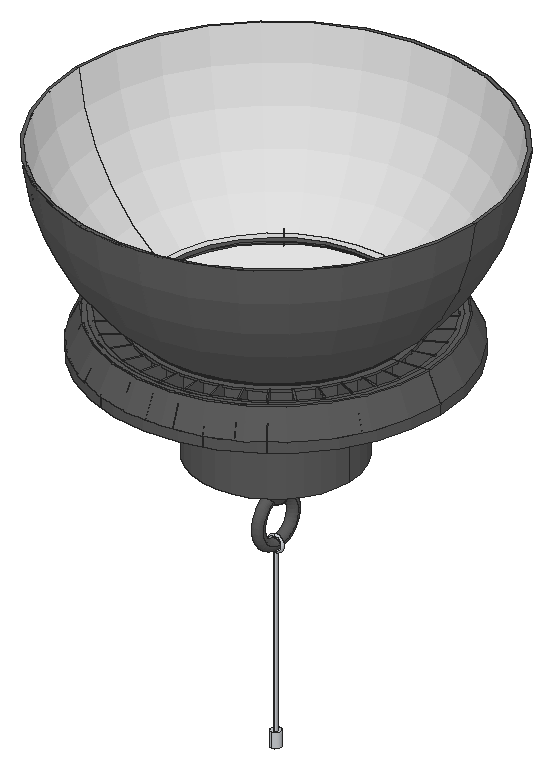
Revit family "0039349+0039360 Feilo Sylvania Lighting Fixture START HIGHBAY 4K 26KLM WIDE with ALU SHADE BLACK COLOR FOR 26KLM", category Lighting Fixtures, host Face, Revit 2017
Family settings
  Host = Face
  Round Connector Dimension = Use Diameter
  Part Type = Normal
  OmniClass Number = 23.80.70.00
  OmniClass Title = Lighting
  Cut with Voids When Loaded = No
  Light Source = Yes
  Shared = No
  Room Calculation Point = No
Parameters (values of type "0039349+0039360 START HIGHBAY 4K 26KLM WIDE ALU SHADE BLACK COLOR FOR 26KLM")
  WidthStraight_FEILO = if(SizeS_FEILO, 3 mm, if(SizeM_FEILO, 4 mm, 4.7 mm))  # 4.7 mm
  WidthRingChamfer_FEILO = if(SizeS_FEILO, 10.3 mm, if(SizeM_FEILO, 11.2 mm, 12.9 mm))  # 12.9 mm
  WidthCurved_FEILO = if(SizeS_FEILO, 17.4 mm, if(SizeM_FEILO, 16.4 mm, 26.2 mm))  # 26.2 mm
  WidthCurvedRing_FEILO = if(SizeS_FEILO, 3 mm, if(SizeM_FEILO, 4 mm, 4.7 mm))  # 4.7 mm
  WidthBracket_FEILO = 40 mm
  Weight = "3.7 kg"
  Wattage Comments = ""
  Wattage = 200 W
  WarrantyStartDate [instance] = "n/a"
  WarrantyGuarantorParts = "n/a"
  WarrantyDurationUnit = "n/a"
  WarrantyDurationParts = "n/a"
  WarrantyDescription = "n/a"
  built-in parameter 1150110 = 1 (stored number, unit not read)
  Voltage = 230 V
  VisibilityBracket_FEILO = no
  URL = "http://www.sylvania-lighting.com"
  TypeName = "START HIGHBAY 4K 26KLM WIDE ALU SHADE BLACK COLOR FOR 26KLM"
  Type Image = <None>
  Type Comments = "n/a"
  built-in parameter 1114217 = 1 (stored number, unit not read)
  Tilt Angle = -90.00°
  ThicknessWall_FEILO = 1.5 mm
  ThicknessBracket_FEILO = 1.5 mm
  ThicknessBracketHalf_FEILO = ThicknessBracket_FEILO / 2  # 0.75 mm
  built-in parameter 1150109 = 1 (stored number, unit not read)
  built-in parameter 1150134 = 12
  SuspensionHeight_FEILO [instance] = 400 mm
  built-in parameter 1150113 = 1 (stored number, unit not read)
  SizeS_FEILO = no
  SizeM_FEILO = no
  ShadeThickness_FEILO = 3 mm
  ShadeSizeSM_FEILO = or(SizeS_FEILO, SizeM_FEILO)  # no
  ShadeRadiusOut_FEILO = 205 mm
  ShadeRadiusIn_FEILO = if(ShadeSizeSM_FEILO, 95 mm, 121 mm)  # 121 mm
  ShadeRadiusBend_FEILO = if(ShadeSizeSM_FEILO, 210 mm, 210 mm)  # 210 mm
  ShadeHeight_FEILO = if(ShadeSizeSM_FEILO, 120 mm, 151 mm)  # 151 mm
  SerialNumber [instance] = "n/a"
  Rib4_FEILO = if(SizeS_FEILO, 18.1 mm, if(SizeM_FEILO, 13.6 mm, 14.6 mm))  # 14.6 mm
  Rib3_FEILO = if(SizeS_FEILO, 15.3 mm, if(SizeM_FEILO, 17.6 mm, 20.2 mm))  # 20.2 mm
  Rib2_FEILO = if(SizeS_FEILO, 3.6 mm, if(SizeM_FEILO, 3.9 mm, 4.5 mm))  # 4.5 mm
  Rib1_FEILO = if(SizeS_FEILO, 15.1 mm, if(SizeM_FEILO, 16.5 mm, 19 mm))  # 19 mm
  RadiusDiffuser_FEILO = if(SizeS_FEILO, 95.2 mm, if(SizeM_FEILO, 105.3 mm, 120 mm))  # 120 mm
  RadiusArrayPost_FEILO = DriverRadius_FEILO - 6 mm  # 70.4 mm
  RHRadius3_FEILO = if(SizeS_FEILO, 6.6 mm, if(SizeM_FEILO, 7.4 mm, 8.6 mm))  # 8.6 mm
  RHRadius2_FEILO = if(SizeS_FEILO, 11 mm, if(SizeM_FEILO, 12 mm, 14 mm))  # 14 mm
  RHRadius1_FEILO = if(SizeS_FEILO, 13.6 mm, if(SizeM_FEILO, 14.9 mm, 17.7 mm))  # 17.7 mm
  RHHeight4_FEILO = if(SizeS_FEILO, 7.3 mm, if(SizeM_FEILO, 8 mm, 9.2 mm))  # 9.2 mm
  RHHeight3_FEILO = if(SizeS_FEILO, 3.6 mm, if(SizeM_FEILO, 3.7 mm, 4.6 mm))  # 4.6 mm
  RHHeight2_FEILO = if(SizeS_FEILO, 2 mm, if(SizeM_FEILO, 2.2 mm, 2.6 mm))  # 2.6 mm
  RHHeight1_FEILO = if(SizeS_FEILO, 11.8 mm, if(SizeM_FEILO, 15.3 mm, 17.4 mm))  # 17.4 mm
  Photometric Web File = "0039349+0039360.ies"
  Material_5_FEILO = Shade-Sylvania-StartHighbay-Alu
  Material_3_FEILO = LED-Sylvania-StartHighbay-Glow
  PowerFactor = 0.95
  PowerConsumption = "200 W"
  NominalLength = 339 mm
  NominalHeight = 194 mm
  NominalDepth = 339 mm
  Name = "START HIGHBAY 4K 26KLM WIDE ALU SHADE BLACK COLOR FOR 26KLM"
  ModelReference = Name  # "START HIGHBAY 4K 26KLM WIDE ALU SHADE BLACK COLOR FOR 26KLM"
  ModelNumber = "0039349+0039360"
  Model = Name  # "START HIGHBAY 4K 26KLM WIDE ALU SHADE BLACK COLOR FOR 26KLM"
  Material = "aluminium alloy housing, polycarbonate diffuser"
  ManufacturerName = "Feilo Sylvania"
  Manufacturer = "Feilo Sylvania"
  LuminousEfficacy = "130 lm/W"
  built-in parameter 1150105 = 14870 (stored number, unit not read)
  Lumens = 26000 lm
  LuminaireType = ""
  built-in parameter 1150115 = 1 (stored number, unit not read)
  LightOutputRatio = "n/a"
  built-in parameter 1150137 = (empty or 0)
  built-in parameter 1150139 = (empty or 0)
  LampsType = Lamp  # "LED"
  LampNominalLuminous = "26000 lm"
  LampMacAdamStep = "n/a"
  LampColourTemperature = "4000 K"
  LampColourRenderingIndex = "80"
  built-in parameter 1150112 = 1 (stored number, unit not read)
  built-in parameter 1150114 = 1 (stored number, unit not read)
  Lamp = "LED"
  Keynote = "16500"
  InstallationDate [instance] = "n/a"
  InputVoltage = "220-240V~"
  InputNominalFrequency = "50/60 Hz"
  built-in parameter 1150132 = (empty or 0)
  built-in parameter 1150102 = (empty or 0)
  built-in parameter 1150107 = 4000 (stored number, unit not read)
  built-in parameter 1150138 = (empty or 0)
  IngressProtection = "IP65"
  ImpactProtectionIndex = "IK08"
  built-in parameter 1150106 = 148.7 (stored number, unit not read)
  IfcExportType = "IfcLightFixtureType"
  IfcExportAs = "IfcLightFixtureType"
  HeightRing_FEILO = if(SizeS_FEILO, 19.8 mm, if(SizeM_FEILO, 32 mm, 36.8 mm))  # 36.8 mm
  HeightRingChamfer_FEILO = if(SizeS_FEILO, 11.7 mm, if(SizeM_FEILO, 23.2 mm, 26.6 mm))  # 26.6 mm
  EyeThickness_FEILO = if(SizeS_FEILO, 8.4 mm, if(SizeM_FEILO, 9.2 mm, 10.5 mm))  # 10.5 mm
  EyeThicknessHalf_FEILO = EyeThickness_FEILO / 2  # 5.25 mm
  EyeInner_FEILO = if(SizeS_FEILO, 13.8 mm, if(SizeM_FEILO, 15.1 mm, 17.3 mm))  # 17.3 mm
  ExpectedLife = 50000
  Emit from Circle Diameter = RadiusDiffuser_FEILO * 2  # 240 mm
  Emit Shape Visible in Rendering = no
  ElectricShockClassification = "Class I"
  built-in parameter 1150104 = 12.077 (stored number, unit not read)
  DurationUnit = "hours"
  DriverVerticalStraight_FEILO = if(SizeS_FEILO, 46.5 mm, if(SizeM_FEILO, 49.7 mm, 57 mm))  # 57 mm
  DriverVerticalChamfer_FEILO = if(SizeS_FEILO, 7.5 mm, if(SizeM_FEILO, 8.2 mm, 9.5 mm))  # 9.5 mm
  DriverRadius_FEILO = if(SizeS_FEILO, 61.4 mm, if(SizeM_FEILO, 67.2 mm, 76.4 mm))  # 76.4 mm
  DriverRadiusTop_FEILO = if(SizeS_FEILO, 42 mm, if(SizeM_FEILO, 45.3 mm, 52.4 mm))  # 52.4 mm
  DriverBottom_FEILO = if(SizeS_FEILO, 56 mm, if(SizeM_FEILO, 64.5 mm, 74 mm))  # 74 mm
  DocumentationLiterature = "http://www.sylvania-lighting.com/product/en-int/products/0039349"
  DimmingControlOptions = "n/a"
  Material_2_FEILO = Diffuser-Sylvania-StartHighbay-Transparent
  Radius_FEILO = if(SizeS_FEILO, 135 mm, if(SizeM_FEILO, 148 mm, 169.5 mm))  # 169.5 mm
  Dimming Lamp Color Temperature Shift = <None>
  DiameterWire_FEILO = 3 mm
  DiameterWireSupport_FEILO = 10 mm
  Description = "START HIGHBAY, includes 1 m cables, black aluminium housing, 26000LM, 200W, 130lm/W, 4000K, Driver current: 5000mA, CR80, 90° beam angle, 1-10V dimmable,  IP65, IK08, 50,000 hrs (L70B50), (LxWxH) 339x339x194mm"
  Default Elevation = 1219.2 mm
  CreatedOn = "2/28/2018"
  CreatedBy = ""
  Cost = 0
  Color Filter = 16777215
  built-in parameter 1114216 [instance] = (empty or 0)
  ClassificationValue = "EF_70_80"
  ClassificationName = "Uniclass2015"
  Material_1_FEILO = Body-Sylvania-StartHighbay-Black
  BarCode [instance] = "n/a"
  built-in parameter 1114218 = 1 (stored number, unit not read)
  built-in parameter 1150133 = 10 (stored number, unit not read)
  AssetType = "Fixed"
  AssetIdentifier [instance] = "n/a"
  Assembly Code = "D5020200"
  Apparent Load = 200 VA
  Material_4_FEILO = Shade-Sylvania-StartHighbay-Black
Reference planes
  plane 1 "Center (Front/Back)": y = 0
  plane 2: z = 0
  plane 3 "Center (Left/Right)": x = 0
  plane 4: z = 400
  plane 5: x = -169.5
  plane 6: x = -156.6
  plane 7: z = 373.4
  plane 8: z = 363.2
  plane 9: x = -151.9
  plane 10: z = 397.375
  plane 11: x = -125.7
  plane 12: x = -120
  plane 13: x = -147.2
  plane 14: z = 398.375
  plane 15: z = 396.375
  plane 16: x = -117
  plane 17: z = 395.375
  plane 18: x = -168
  plane 19: x = -150.5
  plane 20: z = 358.7
  plane 21: x = -130.3
  plane 22: z = 344.1
  plane 23: x = -20
  plane 24: z = 326
  plane 25: x = -76.4
  plane 26: z = 269
  plane 27: x = -52.4
  plane 28: z = 259.5
  plane 29: x = -17.7
  plane 30: z = 242.1
  plane 31: z = 239.5
  plane 32: x = -14
  plane 33: z = 234.9
  plane 34: z = 225.7
  plane 35: x = -8.6
  plane 36: z = 208.4
  plane 37: z = 191.1
  plane 38: x = 5.25
  plane 39: x = -5.25
  plane 40: z = 180.6
  plane 41: z = 185.85
  plane 42: x = -162.3
  plane 43: x = -167
  plane 44: z = 361.7
  plane 45: x = -155.1
  plane 46: z = 297.5
  plane 47: y = -20
  plane 48: y = 20
  plane 49: x = 169.5
  plane 50: x = 156.6
  plane 51: x = 168
  plane 52: x = 162.3
  plane 53: x = 167
  plane 54: x = 155.1
  plane 55: z = 194.1
  plane 56: y = 1.5
  plane 57: y = -1.5
  plane 58: z = 192.6
  plane 59: z = 179.1
  plane 60: z = 177.6
  plane 61: y = -5
  plane 62: y = 5
  plane 63: z = 14
  plane 64: x = -205
  plane 65: z = 551
  plane 66: x = -121
  plane 67: x = -113
  plane 68: x = -202
  plane 69: z = 403
Forms (mm)
  Revolve 1, solid, material "Body-Sylvania-StartHighbay-Black" <- "Material_1_FEILO", detail levels medium+fine
    sketch origin (0, 0, 0) x (1, 0, 0) y (0, 0, 1)
      loop
        line (-169.5, 363.2) -> (-168, 363.2) -> (-168, 373.055) -> (-156.206, 397.375) -> (-147.2, 397.375) -> (-147.2, 399.137)
        arc (-147.2, 399.137) -> (-149.554, 399.547) -> (-151.9, 400) r 132.063
        line (-151.9, 400) -> (-156.141, 400)
        arc (-156.141, 400) -> (-156.63, 399.826) -> (-156.899, 399.383) r 0.774
        line (-156.899, 399.383) -> (-169.5, 373.4) -> (-169.5, 363.2)
      axis (0, 400) -> (0, 363.2)
    angle from 360 to 0
  Revolve 2, solid, material "Body-Sylvania-StartHighbay-Black" <- "Material_1_FEILO", detail levels medium+fine
    sketch origin (0, 0, 0) x (1, 0, 0) y (0, 0, 1)
      loop
        line (-125.7, 395.375) -> (-120, 395.375) -> (-120, 373.4) -> (0, 373.4) -> (0, 395.375) -> (-117, 395.375) -> (-117, 396.375) -> (-120, 396.375) -> (-120, 397.375) -> (-125.7, 397.375) -> (-125.7, 395.375)
      axis (0, 397.375) -> (0, 373.4)
    angle from 360 to 0
  Revolve 3, solid, material "Diffuser-Sylvania-StartHighbay-Transparent" <- "Material_2_FEILO", detail levels medium+fine
    sketch origin (0, 0, 0) x (1, 0, 0) y (0, 0, 1)
      loop
        line (-120, 396.375) -> (0, 396.375) -> (0, 398.375) -> (-120, 398.375) -> (-120, 396.375)
      axis (0, 398.375) -> (0, 396.375)
    angle from 360 to 0
  Revolve 4, solid, material "Body-Sylvania-StartHighbay-Black" <- "Material_1_FEILO"
    sketch origin (0, 0, 0) x (1, 0, 0) y (0, 0, 1)
      loop
        line (-76.4, 344.1) -> (-76.4, 269) -> (-52.4, 259.5) -> (-17.7, 259.5) -> (-17.7, 242.1) -> (-14, 239.5) -> (-14, 234.9) -> (-9.037, 226.426)
        arc (-9.037, 226.426) -> (-8.49, 225.894) -> (-7.753, 225.7) r 1.5
        line (-7.753, 225.7) -> (0, 225.7) -> (0, 344.1) -> (-76.4, 344.1)
      axis (0, 344.1) -> (0, 225.7)
    angle from 360 to 0
  Revolve 5, solid, material "Body-Sylvania-StartHighbay-Black" <- "Material_1_FEILO"
    sketch origin (0, 0, 0) x (1, 0, 0) y (0, 0, 1)
      loop
        circle (0, 185.85) r 5.25
      axis (5.25, 208.4) -> (-5.25, 208.4)
    angle from 360 to 0
  Extrusion 6, solid, material "Body-Sylvania-StartHighbay-Black" <- "Material_1_FEILO", visible <- "VisibilityBracket_FEILO"
    sketch origin (0, 0, 0) x (1, 0, 0) y (0, 0, 1)
      loop
        line (-167, 363.2) -> (-167, 361.7) -> (-157.35, 361.7)
        arc (-157.35, 361.7) -> (-156.82, 361.48) -> (-156.6, 360.95) r 0.75
        line (-156.6, 360.95) -> (-156.6, 297.5) -> (-155.1, 297.5) -> (-155.1, 361.7)
        arc (-155.1, 361.7) -> (-155.539, 362.761) -> (-156.6, 363.2) r 1.5
        line (-156.6, 363.2) -> (-167, 363.2)
      loop
        line (167, 363.2) -> (156.6, 363.2)
        arc (156.6, 363.2) -> (155.539, 362.761) -> (155.1, 361.7) r 1.5
        line (155.1, 361.7) -> (155.1, 297.5) -> (156.6, 297.5) -> (156.6, 360.95)
        arc (156.6, 360.95) -> (156.82, 361.48) -> (157.35, 361.7) r 0.75
        line (157.35, 361.7) -> (167, 361.7) -> (167, 363.2)
    from -20 to 20
  Extrusion 7, void
    sketch origin (0, 0, 0) x (0, 1, 0) y (0, 0, 1)
      loop
        arc (-10, 297.5) -> (-17.071, 300.429) -> (-20, 307.5) r 10
        line (-20, 307.5) -> (-25, 307.5) -> (-25, 292.5) -> (-10, 292.5) -> (-10, 297.5)
      loop
        line (10, 297.5) -> (10, 292.5) -> (25, 292.5) -> (25, 307.5) -> (20, 307.5)
        arc (20, 307.5) -> (17.071, 300.429) -> (10, 297.5) r 10
    from -156.6 to 156.6
  Revolve 8, solid, material "Body-Sylvania-StartHighbay-Black" <- "Material_1_FEILO", detail levels coarse
    sketch origin (0, 0, 0) x (1, 0, 0) y (0, 0, 1)
      loop
        line (0, 400) -> (-156.6, 400) -> (-169.5, 373.4) -> (-169.5, 363.2) -> (-150.5, 363.2) -> (-150.5, 358.7) -> (-130.3, 344.1) -> (0, 344.1) -> (0, 400)
      axis (0, 400) -> (0, 344.1)
    angle from 360 to 0
  Revolve 9, solid
    sketch origin (0, 0, 0) x (0, 1, 0) y (0, 0, 1)
      loop
        circle (0, 192.6) r 1.5
      axis (1.5, 185.85) -> (-1.5, 185.85)
    angle from 360 to 0
  Revolve 10, solid
    sketch origin (0, 0, 0) x (0, 1, 0) y (0, 0, 1)
      loop
        line (0, 0) -> (0, 179.1) -> (-1.5, 179.1) -> (-1.5, 14) -> (-5, 14) -> (-5, 0) -> (0, 0)
      axis (0, 0) -> (0, 179.1)
    angle from 360 to 0
  Revolve 11, solid, material "Shade-Sylvania-StartHighbay-Black" <- "Material_4_FEILO"
    sketch origin (0, 0, 0) x (1, 0, 0) y (0, 0, 1)
      loop
        line (-121, 400) -> (-113, 400) -> (-113, 403) -> (-120.341, 403)
        arc (-120.341, 403) -> (-177.055, 468.269) -> (-202.193, 551) r 207.203
        line (-202.193, 551) -> (-205, 551)
        arc (-205, 551) -> (-179.25, 466.46) -> (-121, 400) r 210
      axis (0, 551) -> (0, 400)
    angle from 360 to 0
Cuts and joins
  Extrusion 7 cuts Extrusion 6
Lines and regions (mm)
  reference lines
    curve 1: line (-169.5, 0, 373.4) -> (-156.6, 0, 400)
    curve 2: line (-125.7, 0, 397.375) -> (0, 0, 397.375)
    curve 3: arc (-125.7, 0, 397.375) -> (-138.866, 0, 398.033) -> (-151.9, 0, 400) r 132.063
    curve 4: line (-156.6, 0, 400) -> (-151.9, 0, 400)
    curve 5: line (-156.206, 0, 397.375) -> (-168, 0, 373.055)
    curve 6: line (-150.5, 0, 358.7) -> (-130.3, 0, 344.1)
    curve 7: line (-14, 0, 234.9) -> (-8.6, 0, 225.7)
    curve 8: circle (0, 0, 185.85) r 5.25 normal (0, -1, 0)
    curve 9: arc (-121, 0, 400) -> (-179.25, 0, 466.46) -> (-205, 0, 551) r 210
Dimensions and locks
  "Radius_FEILO": plane 3 "Center (Left/Right)" to plane 5
  "WidthRingChamfer_FEILO": plane 6 to plane 5
  "WidthStraight_FEILO": plane 9 to plane 6
  "WidthCurvedRing_FEILO": plane 13 to plane 9
  locked: plane 10 to plane 15 at 1
  locked: plane 14 to plane 10 at 1
  locked: plane 4 to plane 10 at 2.625
  locked: plane 15 to plane 17 at 1
  "ThicknessWall_FEILO": plane 18 to plane 5
  "ThicknessWall_FEILO": curve 5 to curve 1
  "HeightRingChamfer_FEILO": plane 4 to plane 7
  "HeightRing_FEILO": plane 4 to plane 8
  "RadiusDiffuser_FEILO": plane 3 "Center (Left/Right)" to plane 12
  locked: plane 16 to plane 12 at 3
  "WidthCurved_FEILO": plane 11 to plane 9
  "SuspensionHeight_FEILO": plane 4 to plane 2
  "Rib1_FEILO": plane 19 to plane 5
  "Rib2_FEILO": plane 8 to plane 20
  "Rib3_FEILO": plane 21 to plane 19
  "Rib4_FEILO": plane 20 to plane 22
  locked: plane 3 "Center (Left/Right)" to plane 23 at 20
  "DriverBottom_FEILO": plane 4 to plane 24
  "DriverRadius_FEILO": plane 3 "Center (Left/Right)" to plane 25
  "DriverVerticalStraight_FEILO": plane 24 to plane 26
  "DriverRadiusTop_FEILO": plane 3 "Center (Left/Right)" to plane 27
  "DriverVerticalChamfer_FEILO": plane 26 to plane 28
  "RHRadius1_FEILO": plane 3 "Center (Left/Right)" to plane 29
  "RHHeight2_FEILO": plane 30 to plane 31
  "RHRadius2_FEILO": plane 3 "Center (Left/Right)" to plane 32
  "RHHeight3_FEILO": plane 31 to plane 33
  "RHHeight4_FEILO": plane 33 to plane 34
  "RHRadius3_FEILO": plane 3 "Center (Left/Right)" to plane 35
  "RHHeight1_FEILO": plane 28 to plane 30
  "EyeInner_FEILO": plane 34 to plane 36
  "EyeInner_FEILO": plane 36 to plane 37
  equal spacing: plane 38, plane 3 "Center (Left/Right)", plane 39
  "EyeThickness_FEILO": plane 38 to plane 39
  "EyeThickness_FEILO": plane 37 to plane 40
  equal spacing: plane 37, plane 41, plane 40
  equal spacing: plane 6, plane 42, plane 18
  "ThicknessBracket_FEILO": plane 45 to plane 6
  "ThicknessBracket_FEILO": plane 8 to plane 44
  locked: plane 43 to plane 18 at 1
  equal spacing: plane 24, plane 46, plane 26
  equal spacing: plane 47, plane 1 "Center (Front/Back)", plane 48
  "WidthBracket_FEILO": plane 47 to plane 48
  "WidthRingChamfer_FEILO": plane 50 to plane 49
  "ThicknessWall_FEILO": plane 51 to plane 49
  equal spacing: plane 50, plane 52, plane 51
  "ThicknessBracket_FEILO": plane 54 to plane 50
  locked: plane 53 to plane 51 at 1
  "Radius_FEILO": plane 49 to plane 3 "Center (Left/Right)"
  equal spacing: plane 57, imposter light, plane 56
  "DiameterWire_FEILO": plane 57 to plane 56
  "DiameterWire_FEILO": plane 37 to plane 55
  equal spacing: plane 37, plane 58, plane 55
  "DiameterWire_FEILO": plane 60 to plane 40
  equal spacing: plane 60, plane 59, plane 40
  equal spacing: plane 61, plane 1 "Center (Front/Back)", plane 62
  "DiameterWireSupport_FEILO": plane 61 to plane 62
  locked: plane 63 to plane 2 at 14
  "ShadeRadiusOut_FEILO": plane 3 "Center (Left/Right)" to plane 64
  "ShadeHeight_FEILO": plane 65 to plane 4
  "ShadeRadiusIn_FEILO": plane 3 "Center (Left/Right)" to plane 66
  locked: plane 67 to plane 66 at 8
  "ShadeThickness_FEILO": plane 69 to plane 4
  "ShadeThickness_FEILO": plane 68 to plane 64
  "EyeThicknessHalf_FEILO": radius of curve 8
  "ThicknessBracket_FEILO": radius of Extrusion 6 sketch curve  (x2)
  "ThicknessBracketHalf_FEILO": radius of Extrusion 6 sketch curve  (x2)
  "DiameterWire_FEILO": diameter of Revolve 9 sketch curve
  "ShadeRadiusBend_FEILO": radius of curve 9
  aligned and locked: plane 2 to host face
  aligned and locked: level to host face
  aligned and locked: plane 5 to curve 1
  aligned and locked: plane 6 to curve 1
  aligned and locked: plane 7 to curve 1
  aligned and locked: plane 10 to curve 2
  aligned and locked: plane 9 to curve 3
  aligned and locked: plane 4 to curve 3
  aligned and locked: plane 11 to curve 3
  aligned and locked: plane 4 to curve 4
  aligned and locked: plane 18 to curve 5
  aligned and locked: plane 10 to curve 5
  aligned and locked: Revolve 1 sketch curve to plane 3 "Center (Left/Right)"
  aligned and locked: Revolve 1 sketch curve to curve 3
  aligned and locked: Revolve 1 sketch curve to curve 1
  aligned and locked: plane 4 to Revolve 1 sketch curve
  aligned and locked: plane 9 to Revolve 1 sketch curve
  aligned and locked: Revolve 1 sketch curve to plane 13
  aligned and locked: Revolve 1 sketch curve to plane 10
  aligned and locked: plane 13 to Revolve 1 sketch curve
  aligned and locked: plane 10 to Revolve 1 sketch curve
  aligned and locked: Revolve 1 sketch curve to plane 18
  aligned and locked: Revolve 1 sketch curve to plane 8
  aligned and locked: plane 5 to Revolve 1 sketch curve  (x2)
  aligned and locked: Revolve 2 sketch curve to plane 3 "Center (Left/Right)"
  aligned and locked: plane 11 to Revolve 2 sketch curve
  aligned and locked: Revolve 2 sketch curve to curve 2
  aligned and locked: plane 15 to Revolve 2 sketch curve
  aligned and locked: Revolve 2 sketch curve to plane 16
  aligned and locked: plane 17 to Revolve 2 sketch curve  (x2)
  aligned and locked: Revolve 2 sketch curve to plane 12
  aligned and locked: plane 7 to Revolve 2 sketch curve
  aligned and locked: Revolve 3 sketch curve to plane 3 "Center (Left/Right)"
  aligned and locked: Revolve 3 sketch curve to plane 14
  aligned and locked: plane 3 "Center (Left/Right)" to Revolve 3 sketch curve
  aligned and locked: Revolve 3 sketch curve to plane 12
  aligned and locked: plane 15 to Revolve 3 sketch curve
  aligned and locked: Revolve 1 sketch curve to curve 5
  aligned and locked: plane 22 to curve 6
  aligned and locked: plane 21 to curve 6
  aligned and locked: plane 20 to curve 6
  aligned and locked: plane 19 to curve 6
  aligned and locked: plane 33 to curve 7
  aligned and locked: plane 32 to curve 7
  aligned and locked: plane 35 to curve 7
  aligned and locked: plane 34 to curve 7
  aligned and locked: Revolve 4 sketch curve to plane 3 "Center (Left/Right)"
  aligned and locked: Revolve 4 sketch curve to plane 25
  aligned and locked: plane 27 to Revolve 4 sketch curve
  aligned and locked: plane 28 to Revolve 4 sketch curve
  aligned and locked: plane 30 to Revolve 4 sketch curve
  aligned and locked: Revolve 4 sketch curve to plane 29
  aligned and locked: plane 31 to Revolve 4 sketch curve
  aligned and locked: Revolve 4 sketch curve to curve 7
  aligned and locked: Revolve 4 sketch curve to plane 32
  aligned and locked: plane 34 to Revolve 4 sketch curve
  aligned and locked: plane 3 "Center (Left/Right)" to Revolve 4 sketch curve
  aligned and locked: plane 3 "Center (Left/Right)" to curve 8
  aligned and locked: plane 41 to curve 8
  aligned and locked: Revolve 5 sketch curve to plane 36
  aligned and locked: Revolve 5 sketch curve to curve 8
  aligned and locked: plane 43 to Extrusion 6 sketch curve  (x2)
  aligned and locked: plane 8 to Extrusion 6 sketch curve  (x3)
  aligned and locked: Extrusion 6 sketch curve to plane 45
  aligned and locked: Extrusion 6 sketch curve to plane 46  (x2)
  aligned and locked: plane 6 to Extrusion 6 sketch curve
  aligned and locked: Extrusion 6 sketch curve to plane 44  (x2)
  aligned and locked: Extrusion 6 to plane 48
  aligned and locked: plane 47 to Extrusion 6
  aligned and locked: plane 53 to Extrusion 6 sketch curve
  aligned and locked: plane 50 to Extrusion 6 sketch curve
  aligned and locked: Extrusion 6 sketch curve to plane 54
  aligned and locked: Extrusion 7 sketch curve to Extrusion 7 sketch curve
  aligned and locked: Extrusion 7 to plane 6
  aligned and locked: Extrusion 7 to Extrusion 6
  aligned and locked: Revolve 4 sketch curve to plane 22
  aligned and locked: plane 23 to nested 1
  aligned and locked: plane 1 "Center (Front/Back)" to nested 1
  aligned and locked: Revolve 8 sketch curve to plane 3 "Center (Left/Right)"
  aligned and locked: Revolve 8 sketch curve to plane 4
  aligned and locked: plane 6 to Revolve 8 sketch curve
  aligned and locked: plane 4 to Revolve 8 sketch curve
  aligned and locked: plane 7 to Revolve 8 sketch curve
  aligned and locked: Revolve 8 sketch curve to plane 5
  aligned and locked: plane 8 to Revolve 8 sketch curve  (x2)
  aligned and locked: Revolve 8 sketch curve to plane 19
  aligned and locked: plane 20 to Revolve 8 sketch curve
  aligned and locked: plane 19 to Revolve 8 sketch curve
  aligned and locked: plane 21 to Revolve 8 sketch curve
  aligned and locked: plane 22 to Revolve 8 sketch curve  (x2)
  aligned and locked: Revolve 8 sketch curve to Revolve 8 sketch curve
  aligned and locked: imposter light to plane 4
  aligned and locked: plane 3 "Center (Left/Right)" to imposter light
  aligned and locked: imposter light to plane 1 "Center (Front/Back)"
  aligned and locked: Revolve 9 sketch curve to plane 41
  aligned and locked: Revolve 10 sketch curve to plane 1 "Center (Front/Back)"
  aligned and locked: plane 1 "Center (Front/Back)" to Revolve 10 sketch curve  (x2)
  aligned and locked: host face to Revolve 10 sketch curve
  aligned and locked: plane 63 to Revolve 10 sketch curve
  aligned and locked: Revolve 10 sketch curve to plane 61
  aligned and locked: Revolve 10 sketch curve to plane 57
  aligned and locked: plane 59 to Revolve 10 sketch curve
  aligned and locked: plane 64 to curve 9
  aligned and locked: plane 65 to curve 9
  aligned and locked: plane 66 to curve 9
  aligned and locked: plane 4 to curve 9
  aligned and locked: Revolve 11 sketch curve to curve 9
  aligned and locked: plane 67 to Revolve 11 sketch curve
  aligned and locked: plane 66 to Revolve 11 sketch curve
  aligned and locked: plane 65 to Revolve 11 sketch curve  (x2)
  aligned and locked: Revolve 11 sketch curve to plane 67
  aligned and locked: plane 69 to Revolve 11 sketch curve
Automatic sketch dimensions
  host sketch curve to host sketch curve = 2438.4 mm  (x2)
  Revolve 1 sketch curve to plane 6 = 0.299 mm
  plane 6 to Revolve 1 sketch curve = 0.459 mm
  Revolve 1 sketch curve to level = 609.6 mm
  Revolve 1 sketch curve to Revolve 1 sketch curve = 2312.223 mm
  Revolve 2 sketch curve to plane 12 = 0 mm
  Revolve 2 sketch curve to plane 3 "Center (Left/Right)" = 0 mm
  Revolve 2 sketch curve to level = 609.6 mm
  Revolve 2 sketch curve to plane 4 = 2339.058 mm
  Revolve 3 sketch curve to level = 609.6 mm
  Revolve 3 sketch curve to plane 4 = 2339.058 mm
  Revolve 5 sketch curve to plane 5 = 1080 mm
  plane 38 to Revolve 5 sketch curve = 1219.2 mm
  Extrusion 7 sketch curve to plane 47 = 0 mm
  plane 46 to Extrusion 7 sketch curve = 0 mm  (x2)
  Extrusion 7 sketch curve to plane 48 = 0 mm
  plane 47 to Extrusion 7 sketch curve = 5 mm
  plane 1 "Center (Front/Back)" to Extrusion 7 sketch curve = 10 mm
  Extrusion 7 sketch curve to Extrusion 7 sketch curve = 10 mm
  plane 46 to Extrusion 7 sketch curve = 5 mm
  Extrusion 7 sketch curve to Extrusion 7 sketch curve = 5 mm
  Extrusion 7 sketch curve to plane 48 = 5 mm
  Revolve 4 sketch curve to plane 26 = 0 mm
  Revolve 4 sketch curve to plane 35 = 0.437 mm
  plane 35 to Revolve 4 sketch curve = 0.847 mm
  Revolve 4 sketch curve to plane 34 = 0.726 mm
  plane 40 to Revolve 4 sketch curve = 590.2 mm
  Revolve 4 sketch curve to plane 4 = 2339.058 mm
  Revolve 8 sketch curve to level = 609.6 mm
  Revolve 8 sketch curve to Revolve 8 sketch curve = 2386.058 mm
  Revolve 9 sketch curve to plane 1 "Center (Front/Back)" = 0 mm
  plane 58 to Revolve 9 sketch curve = 0 mm
  plane 47 to Revolve 9 sketch curve = 2534.941 mm
  Revolve 9 sketch curve to plane 48 = 2077.409 mm
  Revolve 10 sketch curve to Revolve 10 sketch curve = 609.6 mm
  Revolve 10 sketch curve to plane 4 = 2123.807 mm
  curve 2 to plane 3 "Center (Left/Right)" = 0 mm
  Revolve 11 sketch curve to Revolve 11 sketch curve = 0 mm  (x2)
  Revolve 11 sketch curve to plane 3 "Center (Left/Right)" = 0 mm
  plane 66 to Revolve 11 sketch curve = 0.659 mm
  Revolve 11 sketch curve to level = 609.6 mm
  Revolve 11 sketch curve to Revolve 11 sketch curve = 2068.248 mm
Nested families
  nested 1: "Start Highbay Rib" at (0, 0, 397.375), type "Type Name", detail levels medium+fine
    with SuspensionHeight_FEILO 2.6 mm
  nested 2: "Start Highbay Rib" at (0, 0, 397.375) x (0.9877, 0.1564, 0) z (0, 0, 1), type "Type Name", detail levels medium+fine
    with SuspensionHeight_FEILO 2.6 mm
  nested 3: "Start Highbay Rib" at (0, 0, 397.375) x (0.9511, 0.309, 0) z (0, 0, 1), type "Type Name", detail levels medium+fine
    with SuspensionHeight_FEILO 2.6 mm
  nested 4: "Start Highbay Rib" at (0, 0, 397.375) x (0.891, 0.454, 0) z (0, 0, 1), type "Type Name", detail levels medium+fine
    with SuspensionHeight_FEILO 2.6 mm
  nested 5: "Start Highbay Rib" at (0, 0, 397.375) x (0.809, 0.5878, 0) z (0, 0, 1), type "Type Name", detail levels medium+fine
    with SuspensionHeight_FEILO 2.6 mm
  nested 6: "Start Highbay Rib" at (0, 0, 397.375) x (0.7071, 0.7071, 0) z (0, 0, 1), type "Type Name", detail levels medium+fine
    with SuspensionHeight_FEILO 2.6 mm
  nested 7: "Start Highbay Rib" at (0, 0, 397.375) x (0.5878, 0.809, 0) z (0, 0, 1), type "Type Name", detail levels medium+fine
    with SuspensionHeight_FEILO 2.6 mm
  nested 8: "Start Highbay Rib" at (0, 0, 397.375) x (0.454, 0.891, 0) z (0, 0, 1), type "Type Name", detail levels medium+fine
    with SuspensionHeight_FEILO 2.6 mm
  nested 9: "Start Highbay Rib" at (0, 0, 397.375) x (0.309, 0.9511, 0) z (0, 0, 1), type "Type Name", detail levels medium+fine
    with SuspensionHeight_FEILO 2.6 mm
  nested 10: "Start Highbay Rib" at (0, 0, 397.375) x (0.1564, 0.9877, 0) z (0, 0, 1), type "Type Name", detail levels medium+fine
    with SuspensionHeight_FEILO 2.6 mm
  nested 11: "Start Highbay Rib" at (0, 0, 397.375) x (0, 1, 0) z (0, 0, 1), type "Type Name", detail levels medium+fine
    with SuspensionHeight_FEILO 2.6 mm
  nested 12: "Start Highbay Rib" at (0, 0, 397.375) x (-0.1564, 0.9877, 0) z (0, 0, 1), type "Type Name", detail levels medium+fine
    with SuspensionHeight_FEILO 2.6 mm
  nested 13: "Start Highbay Rib" at (0, 0, 397.375) x (-0.309, 0.9511, 0) z (0, 0, 1), type "Type Name", detail levels medium+fine
    with SuspensionHeight_FEILO 2.6 mm
  nested 14: "Start Highbay Rib" at (0, 0, 397.375) x (-0.454, 0.891, 0) z (0, 0, 1), type "Type Name", detail levels medium+fine
    with SuspensionHeight_FEILO 2.6 mm
  nested 15: "Start Highbay Rib" at (0, 0, 397.375) x (-0.5878, 0.809, 0) z (0, 0, 1), type "Type Name", detail levels medium+fine
    with SuspensionHeight_FEILO 2.6 mm
  nested 16: "Start Highbay Rib" at (0, 0, 397.375) x (-0.7071, 0.7071, 0) z (0, 0, 1), type "Type Name", detail levels medium+fine
    with SuspensionHeight_FEILO 2.6 mm
  nested 17: "Start Highbay Rib" at (0, 0, 397.375) x (-0.809, 0.5878, 0) z (0, 0, 1), type "Type Name", detail levels medium+fine
    with SuspensionHeight_FEILO 2.6 mm
  nested 18: "Start Highbay Rib" at (0, 0, 397.375) x (-0.891, 0.454, 0) z (0, 0, 1), type "Type Name", detail levels medium+fine
    with SuspensionHeight_FEILO 2.6 mm
  nested 19: "Start Highbay Rib" at (0, 0, 397.375) x (-0.9511, 0.309, 0) z (0, 0, 1), type "Type Name", detail levels medium+fine
    with SuspensionHeight_FEILO 2.6 mm
  nested 20: "Start Highbay Rib" at (0, 0, 397.375) x (-0.9877, 0.1564, 0) z (0, 0, 1), type "Type Name", detail levels medium+fine
    with SuspensionHeight_FEILO 2.6 mm
  nested 21: "Start Highbay Rib" at (0, 0, 397.375) x (-1, 0, 0) z (0, 0, 1), type "Type Name", detail levels medium+fine
    with SuspensionHeight_FEILO 2.6 mm
  nested 22: "Start Highbay Rib" at (0, 0, 397.375) x (-0.9877, -0.1564, 0) z (0, 0, 1), type "Type Name", detail levels medium+fine
    with SuspensionHeight_FEILO 2.6 mm
  nested 23: "Start Highbay Rib" at (0, 0, 397.375) x (-0.9511, -0.309, 0) z (0, 0, 1), type "Type Name", detail levels medium+fine
    with SuspensionHeight_FEILO 2.6 mm
  nested 24: "Start Highbay Rib" at (0, 0, 397.375) x (-0.891, -0.454, 0) z (0, 0, 1), type "Type Name", detail levels medium+fine
    with SuspensionHeight_FEILO 2.6 mm
  nested 25: "Start Highbay Rib" at (0, 0, 397.375) x (-0.809, -0.5878, 0) z (0, 0, 1), type "Type Name", detail levels medium+fine
    with SuspensionHeight_FEILO 2.6 mm
  nested 26: "Start Highbay Rib" at (0, 0, 397.375) x (-0.7071, -0.7071, 0) z (0, 0, 1), type "Type Name", detail levels medium+fine
    with SuspensionHeight_FEILO 2.6 mm
  nested 27: "Start Highbay Rib" at (0, 0, 397.375) x (-0.5878, -0.809, 0) z (0, 0, 1), type "Type Name", detail levels medium+fine
    with SuspensionHeight_FEILO 2.6 mm
  nested 28: "Start Highbay Rib" at (0, 0, 397.375) x (-0.454, -0.891, 0) z (0, 0, 1), type "Type Name", detail levels medium+fine
    with SuspensionHeight_FEILO 2.6 mm
  nested 29: "Start Highbay Rib" at (0, 0, 397.375) x (-0.309, -0.9511, 0) z (0, 0, 1), type "Type Name", detail levels medium+fine
    with SuspensionHeight_FEILO 2.6 mm
  nested 30: "Start Highbay Rib" at (0, 0, 397.375) x (-0.1564, -0.9877, 0) z (0, 0, 1), type "Type Name", detail levels medium+fine
    with SuspensionHeight_FEILO 2.6 mm
  nested 31: "Start Highbay Rib" at (0, 0, 397.375) x (0, -1, 0) z (0, 0, 1), type "Type Name", detail levels medium+fine
    with SuspensionHeight_FEILO 2.6 mm
  nested 32: "Start Highbay Rib" at (0, 0, 397.375) x (0.1564, -0.9877, 0) z (0, 0, 1), type "Type Name", detail levels medium+fine
    with SuspensionHeight_FEILO 2.6 mm
  nested 33: "Start Highbay Rib" at (0, 0, 397.375) x (0.309, -0.9511, 0) z (0, 0, 1), type "Type Name", detail levels medium+fine
    with SuspensionHeight_FEILO 2.6 mm
  nested 34: "Start Highbay Rib" at (0, 0, 397.375) x (0.454, -0.891, 0) z (0, 0, 1), type "Type Name", detail levels medium+fine
    with SuspensionHeight_FEILO 2.6 mm
  nested 35: "Start Highbay Rib" at (0, 0, 397.375) x (0.5878, -0.809, 0) z (0, 0, 1), type "Type Name", detail levels medium+fine
    with SuspensionHeight_FEILO 2.6 mm
  nested 36: "Start Highbay Rib" at (0, 0, 397.375) x (0.7071, -0.7071, 0) z (0, 0, 1), type "Type Name", detail levels medium+fine
    with SuspensionHeight_FEILO 2.6 mm
  nested 37: "Start Highbay Rib" at (0, 0, 397.375) x (0.809, -0.5878, 0) z (0, 0, 1), type "Type Name", detail levels medium+fine
    with SuspensionHeight_FEILO 2.6 mm
  nested 38: "Start Highbay Rib" at (0, 0, 397.375) x (0.891, -0.454, 0) z (0, 0, 1), type "Type Name", detail levels medium+fine
    with SuspensionHeight_FEILO 2.6 mm
  nested 39: "Start Highbay Rib" at (0, 0, 397.375) x (0.9511, -0.309, 0) z (0, 0, 1), type "Type Name", detail levels medium+fine
    with SuspensionHeight_FEILO 2.6 mm
  nested 40: "Start Highbay Rib" at (0, 0, 397.375) x (0.9877, -0.1564, 0) z (0, 0, 1), type "Type Name", detail levels medium+fine
    with SuspensionHeight_FEILO 2.6 mm
Connectors
  electrical at (0, 0, 0), driven by "Apparent Load", driven by "PowerFactor", driven by "Voltage"
    settings: index 1, voltage 230 V, apparent load 200 VA, apparent load phase1 0 VA, apparent load phase2 0 VA, apparent load phase3 0 VA, power factor 0.95, load classification "Lighting", number of poles 1, system type 30, power factor state 1, is connector primary yes, connector utility no, sub classification motor no, connector description ""
Definition of nested family "Start Highbay Rib"
  Parameters (values of type "Type Name")
    WidthStraight_FEILO = if(SizeS_FEILO, 3 mm, if(SizeM_FEILO, 4 mm, 4.7 mm))  # 3 mm
    WidthRingChamfer_FEILO = if(SizeS_FEILO, 10.3 mm, if(SizeM_FEILO, 11.2 mm, 12.9 mm))  # 10.3 mm
    WidthCurved_FEILO = if(SizeS_FEILO, 17.4 mm, if(SizeM_FEILO, 16.4 mm, 26.2 mm))  # 17.4 mm
    WidthCurvedRing_FEILO = if(SizeS_FEILO, 3 mm, if(SizeM_FEILO, 4 mm, 4.7 mm))  # 3 mm
    WidthBracket_FEILO = 40 mm
    URL = "http://www.feilosylvania.com"
    Type Image = (empty or 0)
    Type Comments = "n/a"
    ThicknessWall_FEILO = 1.5 mm
    ThicknessBracket_FEILO = 1.5 mm
    ThicknessBracketHalf_FEILO = ThicknessBracket_FEILO / 2  # 0.75 mm
    SuspensionHeight_FEILO [instance] = 2.6 mm
    SizeS_FEILO = yes
    SizeM_FEILO = no
    Rib4_FEILO = if(SizeS_FEILO, 18.1 mm, if(SizeM_FEILO, 13.6 mm, 14.6 mm))  # 18.1 mm
    Rib3_FEILO = if(SizeS_FEILO, 15.3 mm, if(SizeM_FEILO, 17.6 mm, 20.2 mm))  # 15.3 mm
    Rib2_FEILO = if(SizeS_FEILO, 3.6 mm, if(SizeM_FEILO, 3.9 mm, 4.5 mm))  # 3.6 mm
    Rib1_FEILO = if(SizeS_FEILO, 15.1 mm, if(SizeM_FEILO, 16.5 mm, 19 mm))  # 15.1 mm
    RadiusRib_FEILO = 2 mm
    RadiusDiffuser_FEILO = if(SizeS_FEILO, 95.2 mm, if(SizeM_FEILO, 105.3 mm, 120 mm))  # 95.2 mm
    RHRadius3_FEILO = if(SizeS_FEILO, 6.6 mm, if(SizeM_FEILO, 7.4 mm, 8.6 mm))  # 6.6 mm
    RHRadius2_FEILO = if(SizeS_FEILO, 11 mm, if(SizeM_FEILO, 12 mm, 14 mm))  # 11 mm
    RHRadius1_FEILO = if(SizeS_FEILO, 13.6 mm, if(SizeM_FEILO, 14.9 mm, 17.7 mm))  # 13.6 mm
    RHHeight4_FEILO = if(SizeS_FEILO, 7.3 mm, if(SizeM_FEILO, 8 mm, 9.2 mm))  # 7.3 mm
    RHHeight3_FEILO = if(SizeS_FEILO, 3.6 mm, if(SizeM_FEILO, 3.7 mm, 4.6 mm))  # 3.6 mm
    RHHeight2_FEILO = if(SizeS_FEILO, 2 mm, if(SizeM_FEILO, 2.2 mm, 2.6 mm))  # 2 mm
    RHHeight1_FEILO = if(SizeS_FEILO, 11.8 mm, if(SizeM_FEILO, 15.3 mm, 17.4 mm))  # 11.8 mm
    Material_3_FEILO = none
    Model = ""
    Manufacturer = "Feilo Sylvania"
    Keynote = "16500"
    HeightRing_FEILO = if(SizeS_FEILO, 19.8 mm, if(SizeM_FEILO, 32 mm, 36.8 mm))  # 19.8 mm
    HeightRingChamfer_FEILO = if(SizeS_FEILO, 11.7 mm, if(SizeM_FEILO, 23.2 mm, 26.6 mm))  # 11.7 mm
    EyeThickness_FEILO = if(SizeS_FEILO, 8.4 mm, if(SizeM_FEILO, 9.2 mm, 10.5 mm))  # 8.4 mm
    EyeThicknessHalf_FEILO = EyeThickness_FEILO / 2  # 4.2 mm
    EyeInner_FEILO = if(SizeS_FEILO, 13.8 mm, if(SizeM_FEILO, 15.1 mm, 17.3 mm))  # 13.8 mm
    DriverVerticalStraight_FEILO = if(SizeS_FEILO, 46.5 mm, if(SizeM_FEILO, 49.7 mm, 57 mm))  # 46.5 mm
    DriverVerticalChamfer_FEILO = if(SizeS_FEILO, 7.5 mm, if(SizeM_FEILO, 8.2 mm, 9.5 mm))  # 7.5 mm
    DriverRadius_FEILO = if(SizeS_FEILO, 61.4 mm, if(SizeM_FEILO, 67.2 mm, 76.4 mm))  # 61.4 mm
    DriverRadiusTop_FEILO = if(SizeS_FEILO, 42 mm, if(SizeM_FEILO, 45.3 mm, 52.4 mm))  # 42 mm
    DriverBottom_FEILO = if(SizeS_FEILO, 56 mm, if(SizeM_FEILO, 64.5 mm, 74 mm))  # 56 mm
    Material_2_FEILO = none
    Radius_FEILO = if(SizeS_FEILO, 135 mm, if(SizeM_FEILO, 148 mm, 169.5 mm))  # 135 mm
    Description = ""
    Default Elevation = 1219.2 mm
    Cost = 0
    Material_1_FEILO = none
    Assembly Code = "D5020200"
    Material_4_FEILO = none
  Reference planes
    plane 1 "Center (Front/Back)": y = 0
    plane 2: z = 0
    plane 3 "Center (Left/Right)": x = 0
    plane 4: z = 2.6
    plane 5: x = -135
    plane 6: x = -124.7
    plane 7: z = -9.1
    plane 8: z = -17.2
    plane 9: x = -121.7
    plane 10: z = -0.025
    plane 11: x = -104.3
    plane 12: x = -95.2
    plane 13: x = -118.7
    plane 14: z = 0.975
    plane 15: z = -1.025
    plane 16: x = -92.2
    plane 17: z = -2.025
    plane 18: x = -133.5
    plane 19: x = -119.9
    plane 20: z = -20.8
    plane 21: x = -104.6
    plane 22: z = -38.9
    plane 23: x = -20
    plane 24: z = -53.4
    plane 25: x = -61.4
    plane 26: z = -99.9
    plane 27: x = -42
    plane 28: z = -107.4
    plane 29: x = -13.6
    plane 30: z = -119.2
    plane 31: z = -121.2
    plane 32: x = -11
    plane 33: z = -124.8
    plane 34: z = -132.1
    plane 35: x = -6.6
    plane 36: z = -145.9
    plane 37: z = -159.7
    plane 38: x = 4.2
    plane 39: x = -4.2
    plane 40: z = -168.1
    plane 41: z = -163.9
    plane 42: x = -129.1
    plane 43: x = -132.5
    plane 44: z = -18.7
    plane 45: x = -123.2
    plane 46: z = -76.65
    plane 47: y = -20
    plane 48: y = 20
    plane 49: x = 135
    plane 50: x = 124.7
    plane 51: x = 133.5
    plane 52: x = 129.1
    plane 53: x = 132.5
    plane 54: x = 123.2
    plane 55: y = 0.75
    plane 56: y = -0.75
  Forms (mm)
    Extrusion 1, solid
      sketch origin (4.2, 0, 0) x (1, 0, 0) y (0, 1, 0)
        loop
          line (-1219.2, 1219.2) -> (-1219.2, -1219.2) -> (1219.2, -1219.2) -> (1219.2, 1219.2) -> (-1219.2, 1219.2)
      from 0 to -68.017
    Extrusion 2, solid, material <- "Material_1_FEILO"
      sketch origin (0, 0, 0) x (1, 0, 0) y (0, 0, 1)
        loop
          arc (-104.3, -0.025) -> (-111.555, 0.423) -> (-118.7, 1.76) r 58.981
          line (-118.7, 1.76) -> (-118.7, -0.025) -> (-125.012, -0.025) -> (-133.5, -9.666) -> (-133.5, -17.2) -> (-119.9, -17.2) -> (-119.9, -20.068)
          arc (-119.9, -20.068) -> (-119.778, -20.755) -> (-119.427, -21.359) r 2
          line (-119.427, -21.359) -> (-104.966, -38.467)
          arc (-104.966, -38.467) -> (-104.381, -38.789) -> (-103.723, -38.9) r 2
          line (-103.723, -38.9) -> (-20, -38.9) -> (-20, -9.1) -> (-95.2, -9.1) -> (-95.2, -2.025) -> (-104.3, -2.025) -> (-104.3, -0.025)
      from -0.75 to 0.75
  Lines and regions (mm)
    reference lines
      curve 1: line (-135, 0, -9.1) -> (-124.7, 0, 2.6)
      curve 2: line (-104.3, 0, -0.025) -> (0, 0, -0.025)
      curve 3: arc (-104.3, 0, -0.025) -> (-113.098, 0, 0.635) -> (-121.7, 0, 2.6) r 58.981
      curve 4: line (-124.7, 0, 2.6) -> (-121.7, 0, 2.6)
      curve 5: line (-125.012, 0, -0.025) -> (-133.5, 0, -9.666)
      curve 6: line (-119.9, 0, -20.8) -> (-104.6, 0, -38.9)
  Dimensions and locks
    "Radius_FEILO": plane 3 "Center (Left/Right)" to plane 5
    "WidthRingChamfer_FEILO": plane 6 to plane 5
    "WidthStraight_FEILO": plane 9 to plane 6
    "WidthCurvedRing_FEILO": plane 13 to plane 9
    locked: plane 10 to plane 15 at 1
    locked: plane 14 to plane 10 at 1
    locked: plane 4 to plane 10 at 2.625
    locked: plane 15 to plane 17 at 1
    "ThicknessWall_FEILO": plane 18 to plane 5
    "ThicknessWall_FEILO": curve 5 to curve 1
    "HeightRingChamfer_FEILO": plane 4 to plane 7
    "HeightRing_FEILO": plane 4 to plane 8
    "RadiusDiffuser_FEILO": plane 3 "Center (Left/Right)" to plane 12
    locked: plane 16 to plane 12 at 3
    "WidthCurved_FEILO": plane 11 to plane 9
    "SuspensionHeight_FEILO": plane 4 to plane 2
    "Rib1_FEILO": plane 19 to plane 5
    "Rib2_FEILO": plane 8 to plane 20
    "Rib3_FEILO": plane 21 to plane 19
    "Rib4_FEILO": plane 20 to plane 22
    locked: plane 3 "Center (Left/Right)" to plane 23 at 20
    "DriverBottom_FEILO": plane 4 to plane 24
    "DriverRadius_FEILO": plane 3 "Center (Left/Right)" to plane 25
    "DriverVerticalStraight_FEILO": plane 24 to plane 26
    "DriverRadiusTop_FEILO": plane 3 "Center (Left/Right)" to plane 27
    "DriverVerticalChamfer_FEILO": plane 26 to plane 28
    "RHRadius1_FEILO": plane 3 "Center (Left/Right)" to plane 29
    "RHHeight2_FEILO": plane 30 to plane 31
    "RHRadius2_FEILO": plane 3 "Center (Left/Right)" to plane 32
    "RHHeight3_FEILO": plane 31 to plane 33
    "RHHeight4_FEILO": plane 33 to plane 34
    "RHRadius3_FEILO": plane 3 "Center (Left/Right)" to plane 35
    "RHHeight1_FEILO": plane 28 to plane 30
    "EyeInner_FEILO": plane 34 to plane 36
    "EyeInner_FEILO": plane 36 to plane 37
    equal spacing: plane 38, plane 3 "Center (Left/Right)", plane 39
    "EyeThickness_FEILO": plane 38 to plane 39
    "EyeThickness_FEILO": plane 37 to plane 40
    equal spacing: plane 37, plane 41, plane 40
    equal spacing: plane 6, plane 42, plane 18
    "ThicknessBracket_FEILO": plane 45 to plane 6
    "ThicknessBracket_FEILO": plane 8 to plane 44
    locked: plane 43 to plane 18 at 1
    equal spacing: plane 24, plane 46, plane 26
    equal spacing: plane 47, plane 1 "Center (Front/Back)", plane 48
    "WidthBracket_FEILO": plane 47 to plane 48
    "WidthRingChamfer_FEILO": plane 50 to plane 49
    "ThicknessWall_FEILO": plane 51 to plane 49
    equal spacing: plane 50, plane 52, plane 51
    "ThicknessBracket_FEILO": plane 54 to plane 50
    locked: plane 53 to plane 51 at 1
    "Radius_FEILO": plane 49 to plane 3 "Center (Left/Right)"
    equal spacing: plane 56, plane 1 "Center (Front/Back)", plane 55
    "ThicknessWall_FEILO": plane 56 to plane 55
    "RadiusRib_FEILO": radius of Extrusion 2 sketch curve  (x2)
    aligned and locked: plane 2 to Extrusion 1
    aligned and locked: level to Extrusion 1
    aligned and locked: plane 5 to curve 1
    aligned and locked: plane 6 to curve 1
    aligned and locked: plane 7 to curve 1
    aligned and locked: plane 10 to curve 2
    aligned and locked: plane 9 to curve 3
    aligned and locked: plane 4 to curve 3
    aligned and locked: plane 11 to curve 3
    aligned and locked: plane 4 to curve 4
    aligned and locked: plane 18 to curve 5
    aligned and locked: plane 10 to curve 5
    aligned and locked: plane 22 to curve 6
    aligned and locked: plane 21 to curve 6
    aligned and locked: plane 20 to curve 6
    aligned and locked: plane 19 to curve 6
    aligned and locked: Extrusion 2 sketch curve to plane 23
    aligned and locked: Extrusion 2 sketch curve to plane 22
    aligned and locked: Extrusion 2 sketch curve to curve 6
    aligned and locked: plane 19 to Extrusion 2 sketch curve
    aligned and locked: Extrusion 2 sketch curve to plane 8
    aligned and locked: Extrusion 2 sketch curve to curve 5
    aligned and locked: Extrusion 2 sketch curve to curve 3
    aligned and locked: Extrusion 2 to plane 55
    aligned and locked: plane 56 to Extrusion 2
    aligned and locked: curve 6 to Extrusion 2 sketch curve
  Automatic sketch dimensions
    Extrusion 1 sketch curve to Extrusion 1 sketch curve = 2438.4 mm  (x2)
    curve 2 to plane 3 "Center (Left/Right)" = 0 mm
    Extrusion 2 sketch curve to plane 18 = 0 mm
    Extrusion 2 sketch curve to plane 10 = 0 mm
    Extrusion 2 sketch curve to plane 13 = 0 mm
    Extrusion 2 sketch curve to plane 7 = 0 mm
    Extrusion 2 sketch curve to plane 12 = 0 mm
    Extrusion 2 sketch curve to plane 17 = 0 mm
    plane 19 to Extrusion 2 sketch curve = 0.473 mm
    Extrusion 2 sketch curve to plane 21 = 0.366 mm
